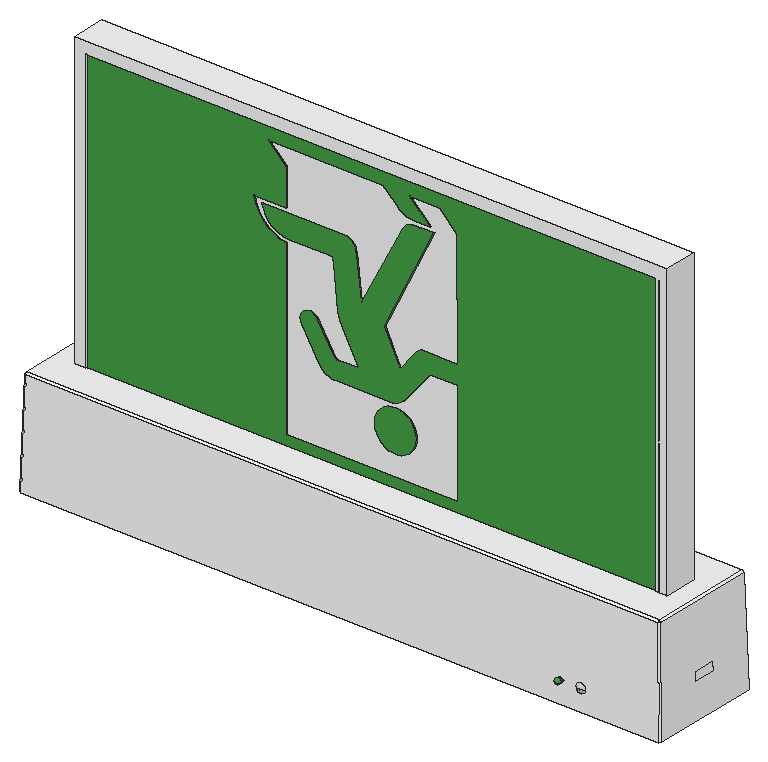
Revit family "GLIDER-SM_AUA03510130001", category Lighting Fixtures, host Face, Revit 2020 (continued)
Forms (mm)
  Extrusion 15, solid, material "Green Plastic", visible <- "RM Side (DS)", detail levels medium+fine
    sketch origin (-503.095, 7.75, -10.005) x (1, 0, 0) y (0, 0, -1)
      loop
        line (566.061, -204.27) -> (572.322, -210.51) -> (632.921, -210.51) -> (623.348, -201.211) -> (623.348, -181.691) -> (640.685, -181.691)
        arc (640.685, -181.691) -> (634.932, -170.263) -> (623.348, -164.83) r 19.575
        line (623.348, -164.83) -> (623.348, -73.231) -> (532.605, -73.231) -> (532.605, -128.787) -> (546.934, -128.787) -> (559.553, -112.752)
        arc (559.553, -112.752) -> (563.259, -109.678) -> (567.901, -108.396) r 11.467
        line (567.901, -108.396) -> (597.318, -108.396)
        arc (597.318, -108.396) -> (602.077, -109.557) -> (605.768, -112.779) r 10.339
        line (605.768, -112.779) -> (615.487, -128.752)
        arc (615.487, -128.752) -> (613.766, -135.821) -> (606.697, -134.1) r 5.145
        line (606.697, -134.1) -> (598.159, -120.067)
        arc (598.159, -120.067) -> (597.178, -118.995) -> (595.865, -118.375) r 3.761
        line (595.865, -118.375) -> (585.24, -118.375) -> (593.76, -134.703)
        arc (593.76, -134.703) -> (595.196, -137.886) -> (596.257, -141.212) r 30.459
        line (596.257, -141.212) -> (598.29, -164.105)
        arc (598.29, -164.105) -> (598.898, -165.854) -> (600.26, -167.109) r 3.803
        line (600.26, -167.109) -> (622.647, -167.109)
        arc (622.647, -167.109) -> (631.839, -170.538) -> (636.539, -179.15) r 14.034
        line (636.539, -179.15) -> (592.186, -179.15)
        arc (592.186, -179.15) -> (588.539, -177.561) -> (586.541, -174.12) r 6.382
        line (586.541, -174.12) -> (586.079, -171.938) -> (583.664, -150.784) -> (562.301, -191.978)
        arc (562.301, -191.978) -> (560.085, -195.14) -> (556.708, -197.012) r 8.593
        line (556.708, -197.012) -> (544.933, -197.012) -> (570.979, -143.646) -> (562.956, -126.034) -> (555.909, -135.171)
        arc (555.909, -135.171) -> (554.062, -137.127) -> (551.863, -138.679) r 13.504
        line (551.863, -138.679) -> (532.605, -138.679) -> (532.642, -200.918)
      loop
        circle (565.474, -95.459) r 11.106
      loop
        line (483.465, -138.558) -> (483.465, -124.795) -> (426.121, -124.795) -> (461.848, -91.48) -> (425.387, -91.48) -> (373.178, -138.723) -> (425.579, -185.262) -> (461.68, -185.262) -> (426.069, -152.055) -> (483.465, -152.055) -> (483.465, -138.558)
    from 0 to 0.767
  Extrusion 16, solid, material "Green Plastic", visible <- "RM Side (DS)", detail levels medium+fine
    sketch origin (-503.135, -7.75, -9.974) x (1, 0, 0) y (0, 0, 1)
      loop
        line (503.115, 61.661) -> (656.302, 61.661) -> (656.302, 140.123) -> (656.302, 217.817) -> (503.115, 217.817) -> (351.383, 217.817) -> (351.383, 140.123) -> (351.383, 61.661) -> (503.115, 61.661)
      loop
        line (532.598, 200.956) -> (532.561, 138.717) -> (551.819, 138.717)
        arc (551.819, 138.717) -> (554.018, 137.166) -> (555.865, 135.209) r 13.504
        line (555.865, 135.209) -> (562.912, 126.073) -> (570.936, 143.684) -> (544.889, 197.05) -> (556.665, 197.05)
        arc (556.665, 197.05) -> (560.041, 195.178) -> (562.258, 192.017) r 8.593
        line (562.258, 192.017) -> (583.62, 150.823) -> (586.035, 171.977) -> (586.497, 174.159)
        arc (586.497, 174.159) -> (588.495, 177.6) -> (592.143, 179.189) r 6.382
        line (592.143, 179.189) -> (636.495, 179.189)
        arc (636.495, 179.189) -> (631.795, 170.577) -> (622.603, 167.147) r 14.034
        line (622.603, 167.147) -> (600.216, 167.147)
        arc (600.216, 167.147) -> (598.854, 165.893) -> (598.247, 164.144) r 3.803
        line (598.247, 164.144) -> (596.214, 141.251)
        arc (596.214, 141.251) -> (595.152, 137.924) -> (593.717, 134.741) r 30.459
        line (593.717, 134.741) -> (585.197, 118.414) -> (595.821, 118.414)
        arc (595.821, 118.414) -> (597.134, 119.034) -> (598.115, 120.106) r 3.761
        line (598.115, 120.106) -> (606.653, 134.139)
        arc (606.653, 134.139) -> (613.722, 135.86) -> (615.443, 128.791) r 5.145
        line (615.443, 128.791) -> (605.724, 112.817)
        arc (605.724, 112.817) -> (602.034, 109.595) -> (597.274, 108.435) r 10.339
        line (597.274, 108.435) -> (567.857, 108.435)
        arc (567.857, 108.435) -> (563.216, 109.716) -> (559.51, 112.791) r 11.467
        line (559.51, 112.791) -> (546.89, 128.825) -> (532.561, 128.825) -> (532.561, 73.088) -> (623.304, 73.088) -> (623.304, 164.868)
        arc (623.304, 164.868) -> (634.888, 170.302) -> (640.641, 181.73) r 19.575
        line (640.641, 181.73) -> (623.304, 181.73) -> (623.304, 201.25) -> (632.878, 210.548) -> (572.278, 210.548) -> (566.017, 204.308)
        arc (566.017, 204.308) -> (561.478, 200.991) -> (556.151, 199.191) r 18.485
        line (556.151, 199.191) -> (546.573, 199.191) -> (557.965, 210.244) -> (541.919, 210.244) -> (532.598, 200.956)
      loop
        circle (565.43, 95.497) r 11.106
      loop
        line (483.421, 138.596) -> (483.421, 152.093) -> (426.025, 152.093) -> (461.636, 185.301) -> (425.535, 185.301) -> (373.135, 138.761) -> (425.343, 91.518) -> (461.804, 91.518) -> (426.078, 124.834) -> (483.421, 124.834) -> (483.421, 138.596)
    from 0 to 0.767
  Extrusion 17, solid, material "Green Plastic", visible <- "RM Side (DS)", not visible, detail levels medium+fine
    sketch origin (-503.095, 7.75, 119.6) x (1, 0, 0) y (0, 0, -1)
      loop
        line (503.159, -61.622) -> (349.94, -61.622) -> (349.94, -140.084) -> (349.94, -219.263) -> (503.159, -219.263) -> (656.263, -219.263) -> (656.263, -140.084) -> (656.263, -61.622) -> (503.159, -61.622)
      loop
        line (532.642, -200.918) -> (541.963, -210.206) -> (558.009, -210.206) -> (546.616, -199.153) -> (556.195, -199.153)
        arc (556.195, -199.153) -> (561.522, -200.952) -> (566.061, -204.27) r 18.485
        line (566.061, -204.27) -> (572.322, -210.51) -> (632.921, -210.51) -> (623.348, -201.211) -> (623.348, -181.691) -> (640.685, -181.691)
        arc (640.685, -181.691) -> (634.932, -170.263) -> (623.348, -164.83) r 19.575
        line (623.348, -164.83) -> (623.348, -73.231) -> (532.605, -73.231) -> (532.605, -128.787) -> (546.934, -128.787) -> (559.553, -112.752)
        arc (559.553, -112.752) -> (563.259, -109.678) -> (567.901, -108.396) r 11.467
        line (567.901, -108.396) -> (597.318, -108.396)
        arc (597.318, -108.396) -> (602.077, -109.557) -> (605.768, -112.779) r 10.339
        line (605.768, -112.779) -> (615.487, -128.752)
        arc (615.487, -128.752) -> (613.766, -135.821) -> (606.697, -134.1) r 5.145
        line (606.697, -134.1) -> (598.159, -120.067)
        arc (598.159, -120.067) -> (597.178, -118.995) -> (595.865, -118.375) r 3.761
        line (595.865, -118.375) -> (585.24, -118.375) -> (593.76, -134.703)
        arc (593.76, -134.703) -> (595.196, -137.886) -> (596.257, -141.212) r 30.459
        line (596.257, -141.212) -> (598.29, -164.105)
        arc (598.29, -164.105) -> (598.898, -165.854) -> (600.26, -167.109) r 3.803
        line (600.26, -167.109) -> (622.647, -167.109)
        arc (622.647, -167.109) -> (631.839, -170.538) -> (636.539, -179.15) r 14.034
        line (636.539, -179.15) -> (592.186, -179.15)
        arc (592.186, -179.15) -> (588.539, -177.561) -> (586.541, -174.12) r 6.382
        line (586.541, -174.12) -> (586.079, -171.938) -> (583.664, -150.784) -> (562.301, -191.978)
        arc (562.301, -191.978) -> (560.085, -195.14) -> (556.708, -197.012) r 8.593
        line (556.708, -197.012) -> (544.933, -197.012) -> (570.979, -143.646) -> (562.956, -126.034) -> (555.909, -135.171)
        arc (555.909, -135.171) -> (554.062, -137.127) -> (551.863, -138.679) r 13.504
        line (551.863, -138.679) -> (532.605, -138.679) -> (532.642, -200.918)
      loop
        circle (565.474, -95.459) r 11.106
      loop
        line (483.465, -138.558) -> (483.465, -124.795) -> (426.121, -124.795) -> (461.848, -91.48) -> (425.387, -91.48) -> (373.178, -138.723) -> (425.579, -185.262) -> (461.68, -185.262) -> (426.069, -152.055) -> (483.465, -152.055) -> (483.465, -138.558)
    from 0 to 0.767
  Extrusion 18, solid, material "Green Plastic", visible <- "RM Side (DS)", not visible, detail levels medium+fine
    sketch origin (-503.135, -7.75, 119.631) x (1, 0, 0) y (0, 0, 1)
      loop
        line (503.115, 61.661) -> (656.302, 61.661) -> (656.302, 140.123) -> (656.302, 217.817) -> (503.115, 217.817) -> (351.383, 217.817) -> (351.383, 140.123) -> (351.383, 61.661) -> (503.115, 61.661)
      loop
        line (532.598, 200.956) -> (532.561, 138.717) -> (551.819, 138.717)
        arc (551.819, 138.717) -> (554.018, 137.166) -> (555.865, 135.209) r 13.504
        line (555.865, 135.209) -> (562.912, 126.073) -> (570.936, 143.684) -> (544.889, 197.05) -> (556.665, 197.05)
        arc (556.665, 197.05) -> (560.041, 195.178) -> (562.258, 192.017) r 8.593
        line (562.258, 192.017) -> (583.62, 150.823) -> (586.035, 171.977) -> (586.497, 174.159)
        arc (586.497, 174.159) -> (588.495, 177.6) -> (592.143, 179.189) r 6.382
        line (592.143, 179.189) -> (636.495, 179.189)
        arc (636.495, 179.189) -> (631.795, 170.577) -> (622.603, 167.147) r 14.034
        line (622.603, 167.147) -> (600.216, 167.147)
        arc (600.216, 167.147) -> (598.854, 165.893) -> (598.247, 164.144) r 3.803
        line (598.247, 164.144) -> (596.214, 141.251)
        arc (596.214, 141.251) -> (595.152, 137.924) -> (593.717, 134.741) r 30.459
        line (593.717, 134.741) -> (585.197, 118.414) -> (595.821, 118.414)
        arc (595.821, 118.414) -> (597.134, 119.034) -> (598.115, 120.106) r 3.761
        line (598.115, 120.106) -> (606.653, 134.139)
        arc (606.653, 134.139) -> (613.722, 135.86) -> (615.443, 128.791) r 5.145
        line (615.443, 128.791) -> (605.724, 112.817)
        arc (605.724, 112.817) -> (602.034, 109.595) -> (597.274, 108.435) r 10.339
        line (597.274, 108.435) -> (567.857, 108.435)
        arc (567.857, 108.435) -> (563.216, 109.716) -> (559.51, 112.791) r 11.467
        line (559.51, 112.791) -> (546.89, 128.825) -> (532.561, 128.825) -> (532.561, 73.088) -> (623.304, 73.088) -> (623.304, 164.868)
        arc (623.304, 164.868) -> (634.888, 170.302) -> (640.641, 181.73) r 19.575
        line (640.641, 181.73) -> (623.304, 181.73) -> (623.304, 201.25) -> (632.878, 210.548) -> (572.278, 210.548) -> (566.017, 204.308)
        arc (566.017, 204.308) -> (561.478, 200.991) -> (556.151, 199.191) r 18.485
        line (556.151, 199.191) -> (546.573, 199.191) -> (557.965, 210.244) -> (541.919, 210.244) -> (532.598, 200.956)
      loop
        circle (565.43, 95.497) r 11.106
      loop
        line (483.421, 138.596) -> (483.421, 152.093) -> (426.025, 152.093) -> (461.636, 185.301) -> (425.535, 185.301) -> (373.135, 138.761) -> (425.343, 91.518) -> (461.804, 91.518) -> (426.078, 124.834) -> (483.421, 124.834) -> (483.421, 138.596)
    from 0 to 0.767
  Extrusion 19, void
    sketch origin (0, 0, 0) x (0, 1, 0) y (0, 0, 1)
      loop
        line (-5.495, 24.506) -> (-5.495, 20.481) -> (5.537, 20.481) -> (5.537, 24.506) -> (-5.495, 24.506)
      loop
        line (-5.893, 24.847) -> (-5.893, 20.159) -> (5.906, 20.159) -> (5.906, 24.847) -> (-5.893, 24.847)
    from 166.014 to 170.709
  Extrusion 20, void
    sketch origin (0, 0, 0) x (0, 1, 0) y (0, 0, -1)
      loop
        line (-5.495, -24.506) -> (5.537, -24.506) -> (5.537, -20.481) -> (-5.495, -20.481) -> (-5.495, -24.506)
      loop
        line (-5.893, -24.847) -> (5.906, -24.847) -> (5.906, -20.159) -> (-5.893, -20.159) -> (-5.893, -24.847)
    from 166.014 to 170.709
  Blend 21, solid
    base sketch origin (0, 0, 0) x (1, 0, 0) y (0, 1, 0)
      loop
        line (156.5, 24.173) -> (-156.5, 24.173) -> (-156.5, -24.173) -> (156.5, -24.173) -> (156.5, 24.173)
    top sketch origin (0, 0, 0) x (1, 0, 0) y (0, 1, 0)
      loop
        line (-156.853, -24.526) -> (156.853, -24.526) -> (156.853, 24.526) -> (-156.853, 24.526) -> (-156.853, -24.526)
    from -1.5 to 0.974
  Revolve 22, solid, material "Green"
    sketch origin (118.488, 4571.687, 12.843) x (0, -1, 0) y (1, 0, 0)
      loop
        arc (4603.952, -1.483) -> (4603.517, -0.432) -> (4602.466, 0.003) r 1.486
        line (4602.466, 0.003) -> (4599.457, 0.003) -> (4599.457, -1.483) -> (4603.952, -1.483)
      axis (4599.457, -1.483) -> (4603.952, -1.483)
    angle from 0 to 360
  Revolve 23, solid
    sketch origin (118.488, 4571.687, 12.843) x (0, -1, 0) y (1, 0, 0)
      loop
        line (4601.32, 9.803) -> (4602.458, 9.803)
        arc (4602.458, 9.803) -> (4602.173, 11.136) -> (4601.32, 12.199) r 2.956
        line (4601.32, 12.199) -> (4601.32, 9.803)
      axis (4602.458, 9.803) -> (4601.32, 9.803)
    angle from 0 to 360
Cuts and joins
  Extrusion 19, Extrusion 20 cuts Blend 6
Dimensions and locks
  aligned and locked: plane 2 to host face
  aligned and locked: level to host face
Nested families
  nested 1: "Symbol Left Indication" at (0, 0, 0), visible <- "Indication Right", type "Symbol Left Indication"
  nested 2: "Symbol straight line Indication" at (0, 0, 0), visible <- "Straight line", type "Symbol straight line Indication"
  nested 3: "Symbol Left Indication" at (0, 0, 0) x (-1, 0, 0) z (0, 0, 1), visible <- "Indication Left", type "Symbol Left Indication"
  nested 4: "Symbol Left Indication" at (0, 0, 0), visible <- "RM Side (DS)", type "Symbol Left Indication"
Connectors
  electrical at (170.174, 0.021, 22.493)
    settings: on cut or joined group of Blend 6, Extrusion 19, Extrusion 20, index 1, voltage 240 V, apparent load 0 VA, apparent load phase1 240 VA, apparent load phase2 0 VA, apparent load phase3 0 VA, power factor 1, load classification "Autre", number of poles 1, system type 31, power factor state 1, is connector primary yes, connector utility no, sub classification motor no, connector description ""
Definition of nested family "Symbol Left Indication"
  Reference planes
    plane 1 "Center (Front/Back)": y = 0
    plane 2: z = 0
    plane 3 "Center (Left/Right)": x = 0
    plane 4: x = 325.152, in view "Ref. Level"
    plane 5: x = -325.152, in view "Ref. Level"
    plane 6: y = 173.449, in view "Ref. Level"
    plane 7: y = -173.449, in view "Ref. Level"
  Lines and regions (mm)
    Filled region 1, type "Plastic Grün", in view "Ref. Level"
      outline origin (0, 0, 0) x (0, 1, 0) y (-1, 0, 0)
        loop
          line (173.449, -325.152) -> (173.449, 325.152) -> (-173.449, 325.152) -> (-173.449, -325.152) -> (173.449, -325.152)
        loop
          line (129.511, -248.707) -> (129.511, -40.707) -> (29.511, -40.707) -> (29.511, -72.707) -> (58.502, -101.698)
          arc (58.502, -101.698) -> (69.488, -119.382) -> (71.502, -140.103) r 45.756
          line (71.502, -140.103) -> (71.502, -205.103)
          arc (71.502, -205.103) -> (69.258, -211.908) -> (63.312, -215.906) r 11.051
          line (63.312, -215.906) -> (19.846, -227.553)
          arc (19.846, -227.553) -> (6.986, -220.129) -> (14.41, -207.269) r 10.5
          line (14.41, -207.269) -> (50.502, -197.598) -> (50.502, -168.598) -> (14.25, -185.503)
          arc (14.25, -185.503) -> (4.309, -187.442) -> (-5.756, -188.561) r 123.737
          line (-5.756, -188.561) -> (-45.659, -191.351)
          arc (-45.659, -191.351) -> (-50.733, -192.663) -> (-55, -195.707) r 14.38
          line (-55, -195.707) -> (-55, -248.707)
          arc (-55, -248.707) -> (-62.029, -265.678) -> (-79, -272.707) r 24
          line (-79, -272.707) -> (-79, -175.035)
          arc (-79, -175.035) -> (-76.033, -167.873) -> (-68.871, -164.906) r 10.129
          line (-68.871, -164.906) -> (-19.991, -161.488)
          arc (-19.991, -161.488) -> (-18.791, -159.41) -> (-19.991, -157.333) r 2.399
          line (-19.991, -157.333) -> (-106.593, -107.333)
          arc (-106.593, -107.333) -> (-113.797, -102.738) -> (-116.601, -94.667) r 13.019
          line (-116.601, -94.667) -> (-116.601, -67.667) -> (-4.017, -132.667)
          arc (-4.017, -132.667) -> (0.231, -133.805) -> (4.48, -132.667) r 8.497
          line (4.48, -132.667) -> (36.2, -117.875)
          arc (36.2, -117.875) -> (38.096, -114.899) -> (36.2, -111.923) r 3.284
          line (36.2, -111.923) -> (17.816, -93.539)
          arc (17.816, -93.539) -> (12.637, -86.697) -> (9.511, -78.707) r 31.304
          line (9.511, -78.707) -> (9.511, -40.707) -> (-130, -40.707) -> (-151.92, -62.627) -> (-151.92, -101.627) -> (-126.464, -76.171) -> (-126.464, -106.171) -> (-151.92, -131.627) -> (-151.92, -270.627) -> (-130, -248.707) -> (-89, -248.707) -> (-89, -287.707)
          arc (-89, -287.707) -> (-61.423, -276.284) -> (-50, -248.707) r 39
          line (-50, -248.707) -> (129.511, -248.707)
        loop
          circle (97.887, -117.138) r 20
        loop
          line (30, 40.232) -> (30, 172.232) -> (97.175, 105.057) -> (97.175, 188.057) -> (0, 285.232) -> (-97.175, 188.057) -> (-97.175, 105.057) -> (-30, 172.232) -> (-30, 40.232) -> (30, 40.232)
  Dimensions and locks
    plane 6 to plane 7 = 346.899 mm  (x2)
    plane 4 to plane 5 = 650.305 mm  (x2)
Definition of nested family "Symbol straight line Indication"
  Reference planes
    plane 1 "Center (Front/Back)": y = 0
    plane 2: z = 0
    plane 3 "Center (Left/Right)": x = 0
    plane 4: x = -325.152, in view "Ref. Level"
    plane 5: x = 325.152, in view "Ref. Level"
    plane 6: y = 173.449, in view "Ref. Level"
    plane 7: y = -173.449, in view "Ref. Level"
  Lines and regions (mm)
    Filled region 1, type "Plastic Grün", in view "Ref. Level"
      outline origin (0, 0, 0) x (1, 0, 0) y (0, 1, 0)
        loop
          line (-325.152, 173.449) -> (-325.152, -173.449) -> (325.152, -173.449) -> (325.152, 173.449) -> (-325.152, 173.449)
        loop
          line (-104, 129.511) -> (-104, -50)
          arc (-104, -50) -> (-131.577, -61.423) -> (-143, -89) r 39
          line (-143, -89) -> (-104, -89) -> (-104, -130) -> (-125.92, -151.92) -> (13.08, -151.92) -> (38.536, -126.464) -> (68.536, -126.464) -> (43.08, -151.92) -> (82.08, -151.92) -> (104, -130) -> (104, 9.511) -> (66, 9.511)
          arc (66, 9.511) -> (58.01, 12.637) -> (51.168, 17.816) r 31.304
          line (51.168, 17.816) -> (32.784, 36.2)
          arc (32.784, 36.2) -> (29.808, 38.096) -> (26.832, 36.2) r 3.284
          line (26.832, 36.2) -> (12.04, 4.48)
          arc (12.04, 4.48) -> (10.902, 0.231) -> (12.04, -4.017) r 8.497
          line (12.04, -4.017) -> (77.04, -116.601) -> (50.04, -116.601)
          arc (50.04, -116.601) -> (41.969, -113.797) -> (37.374, -106.593) r 13.019
          line (37.374, -106.593) -> (-12.626, -19.991)
          arc (-12.626, -19.991) -> (-14.703, -18.791) -> (-16.781, -19.991) r 2.399
          line (-16.781, -19.991) -> (-20.199, -68.871)
          arc (-20.199, -68.871) -> (-23.166, -76.033) -> (-30.328, -79) r 10.129
          line (-30.328, -79) -> (-128, -79)
          arc (-128, -79) -> (-120.971, -62.029) -> (-104, -55) r 24
          line (-104, -55) -> (-51, -55)
          arc (-51, -55) -> (-47.956, -50.733) -> (-46.644, -45.659) r 14.38
          line (-46.644, -45.659) -> (-43.854, -5.756)
          arc (-43.854, -5.756) -> (-42.735, 4.309) -> (-40.796, 14.25) r 123.737
          line (-40.796, 14.25) -> (-23.891, 50.502) -> (-52.891, 50.502) -> (-62.562, 14.41)
          arc (-62.562, 14.41) -> (-75.422, 6.986) -> (-82.846, 19.846) r 10.5
          line (-82.846, 19.846) -> (-71.199, 63.312)
          arc (-71.199, 63.312) -> (-67.201, 69.258) -> (-60.396, 71.502) r 11.051
          line (-60.396, 71.502) -> (4.604, 71.502)
          arc (4.604, 71.502) -> (25.325, 69.488) -> (43.009, 58.502) r 45.756
          line (43.009, 58.502) -> (72, 29.511) -> (104, 29.511) -> (104, 129.511) -> (-104, 129.511)
        loop
          circle (27.569, 97.887) r 20
  Dimensions and locks
    plane 6 to plane 7 = 346.899 mm
    plane 4 to plane 5 = 650.305 mm
    equal spacing: plane 6, plane 1 "Center (Front/Back)", plane 7
    equal spacing: plane 4, plane 3 "Center (Left/Right)", plane 5
Types (5, lengths in mm): name | Straight line | Straight Line (DS) | RM Side (DS) | Indication Right | Indication Left
  Running Man Single | yes | no | no | no | no
  Runnign Man Common arrow (double side) | no | no | yes | no | no
  Running Man (Double side) | yes | yes | no | no | no
  Running Man Left (Single) | no | no | no | no | yes
  Running Man Right (Single) | no | no | no | yes | no
